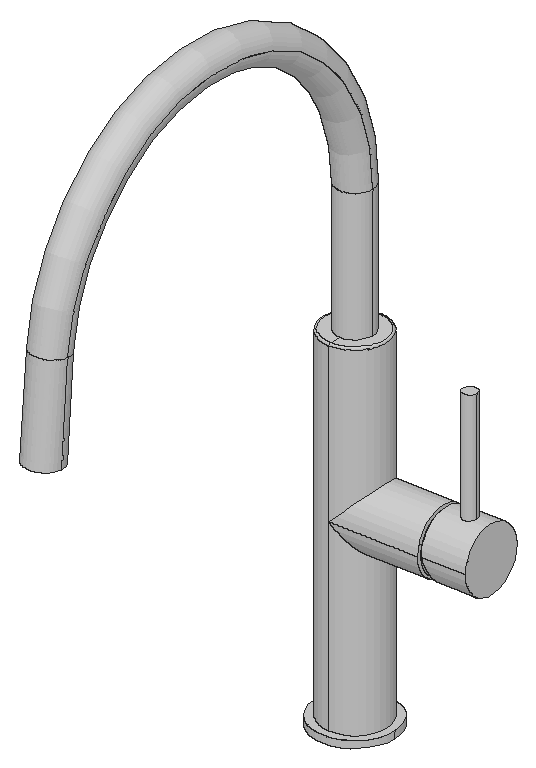
Revit family "liano II sink mixer", category Specialty Equipment, host Face, Revit 2019
Family settings
  Host = Face
  Round Connector Dimension = Use Radius
  Part Type = Normal
  OmniClass Number = 23.45.55.14
  OmniClass Title = Single Faucets
  Cut with Voids When Loaded = No
  Shared = No
  Room Calculation Point = No
Parameters (values of type "LIANO II SINK MIXER CHROME")
  URL = "https://www.caroma.com.au/"
  Model = "96379C5A"
  Material_Base = GWA_Metal-Chrome
  Manufacturer = "GWA Bathrooms & Kitchens"  # constant formula
  Keynote = ""
  Description = "LIANO II SINK MIXER CHROME"
  Default Elevation = 1000 mm
  CreatedBy_ANZRS = "GWA Bathrooms & Kitchens"  # constant formula
  Assembly Code = "C1030220"
Types (6, lengths in mm): name | Model | Material_Base | Description
  (no name) | "96379C5A" | GWA_Metal-Chrome | "LIANO II SINK MIXER CHROME"
  LIANO II SINK MIXER CHROME | "96379C5A" | GWA_Metal-Chrome | "LIANO II SINK MIXER CHROME"
  LIANO II SINK MIXER MATTE BLACK | "96379B5A" | GWA-Metal-Black | "LIANO II SINK MIXER MATTE BLACK"
  LIANO II SINK MIXER GUNMETAL | "96379GM5A" | GWA-Metal-Gunmetal Grey | "LIANO II SINK MIXER GUNMETAL"
  LIANO II SINK MIXER BRUSHED NICKEL | "96379BN5A" | GWA_Metal-Brushed-Nickel | "LIANO II SINK MIXER BRUSHED NICKEL"
  LIANO II SINK MIXER BRUSHED BRASS | "96379BB5A" | GWA_Metal-Brushed-Brass | "LIANO II SINK MIXER BRUSHED BRASS"
Reference planes
  plane 1 "Center (Front/Back)": y = 0
  plane 2: z = 0
  plane 3 "Center (Left/Right)": x = 0
Forms (mm)
  Extrusion 1, solid, material "GWA_Metal-Chrome" <- "Material_Base"
    sketch origin (0, 0, 0) x (1, 0, 0) y (0, 1, 0)
      loop
        circle (0, 0) r 22.5
    from 0 to 4
  Sweep 2, solid, material "GWA_Metal-Chrome" <- "Material_Base"
    path origin (0, 0, 0) x (0, 1, 0) y (0, 0, 1)
      loop
        line (0, 200) -> (0, 274)
        arc (0, 274) -> (-103.106, 381.705) -> (-215.206, 283.396) r 107.808
        line (-215.206, 283.396) -> (-220, 228.6)
    profile origin (0, 0, 237) x (0, -1, 0) y (1, 0, 0)
      loop
        circle (0, 0) r 10.25
  Extrusion 3, void
    sketch origin (0, 18.177, 207.762) x (0, 0.996195, -0.087156) y (1, 0, 0)
      loop
        circle (-239.087, 0) r 9.35
    from -3 to 5
  Revolve 4, solid, material "GWA_Metal-Chrome" <- "Material_Base"
    sketch origin (0, 0, 0) x (0, 1, 0) y (0, 0, 1)
      loop
        line (0, 4) -> (18, 4) -> (18, 199)
        arc (18, 199) -> (17.707, 199.707) -> (17, 200) r 1
        line (17, 200) -> (0, 200) -> (0, 4)
      axis (0, 200) -> (0, 4)
    angle from 0 to 360
  Extrusion 5, solid, material "GWA_Metal-Chrome" <- "Material_Base"
    sketch origin (0, 0, 0) x (0, 1, 0) y (0, 0, 1)
      loop
        circle (0, 110) r 18
    from 0 to 50
  Revolve 6, solid, material "GWA_Metal-Chrome" <- "Material_Base"
    sketch origin (0, 0, 110) x (1, 0, 0) y (0, 1, 0)
      loop
        line (50, 0) -> (57.7, 0) -> (57.7, 13.5)
        arc (57.7, 13.5) -> (53.951, 15.26) -> (50, 16.5) r 30.7
        line (50, 16.5) -> (50, 0)
      axis (57.7, 0) -> (50, 0)
    angle from 0 to 360
  Extrusion 7, solid, material "GWA_Metal-Chrome" <- "Material_Base"
    sketch origin (0, 0, 0) x (0, 1, 0) y (0, 0, 1)
      loop
        circle (0, 110) r 18
    from 52 to 77
  Extrusion 8, void
    sketch origin (0, 0, 0) x (1, 0, 0) y (0, 0, 1)
      loop
        line (50, 110) -> (50, 87) -> (58.6, 87) -> (58.6, 92) -> (52, 110) -> (50, 110)
    from -25 to 25
  Extrusion 9, solid, material "GWA_Metal-Chrome" <- "Material_Base"
    sketch origin (0, 0, 110) x (1, 0, 0) y (0, 1, 0)
      loop
        circle (65.05, 0) r 3.95
    from 0 to 81
  Revolve 10, solid, material "GWA_Metal-Chrome" <- "Material_Base"
    sketch origin (-11.5, 0, 1) x (1, 0, 0) y (0, 0, 1)
      loop
        line (77, 92) -> (77, 90.3)
        arc (77, 90.3) -> (78.934, 90.465) -> (80.8, 91) r 10
        line (80.8, 91) -> (80.8, 92) -> (77, 92)
      axis (77, 90.3) -> (77, 92)
    angle from 0 to 360
  Extrusion 11, void
    sketch origin (0, 0, 0) x (1, 0, 0) y (0, 1, 0)
      loop
        circle (65.5, 0) r 3.8
    from 80 to 93
Cuts and joins
  Extrusion 3 cuts Sweep 2
  Extrusion 8 cuts Extrusion 5
  joined: Revolve 4, Extrusion 5
  Extrusion 8, Extrusion 11 cuts Extrusion 7
  joined: Extrusion 7, Extrusion 9
Lines and regions (mm)
  Masking region 1
    outline origin (0, 0, 110) x (1, 0, 0) y (0, 1, 0)
      loop
        line (-10.25, -20.03) -> (-10.25, -220)
        spline (-10.25, -220) -> (-9.901, -222.643) -> (-8.877, -225.105) -> (-7.248, -227.22) -> (-5.125, -228.843) -> (-2.653, -229.863) -> (0, -230.211) -> (2.653, -229.863) -> (5.125, -228.843) -> (7.248, -227.22) -> (8.877, -225.105) -> (9.901, -222.643) -> (10.25, -220)
        line (10.25, -220) -> (10.25, -20.03)
        arc (10.25, -20.03) -> (11.918, -19.084) -> (13.5, -18) r 22.5
        line (13.5, -18) -> (50, -18) -> (50, -16.5)
        arc (50, -16.5) -> (51.005, -16.24) -> (52, -15.946) r 30.7
        line (52, -15.946) -> (52, -18) -> (77, -18) -> (77, 18) -> (52, 18) -> (52, 15.946)
        arc (52, 15.946) -> (51.005, 16.24) -> (50, 16.5) r 30.7
        line (50, 16.5) -> (50, 18) -> (13.5, 18)
        arc (13.5, 18) -> (-19.084, 11.918) -> (-10.25, -20.03) r 22.5
  Masking region 2
    outline origin (0, 0, 0) x (0, 1, 0) y (0, 0, 1)
      loop
        line (-10.3, 200) -> (-17, 200)
        arc (-17, 200) -> (-17.707, 199.707) -> (-18, 199) r 1
        line (-18, 199) -> (-18, 4) -> (-22.5, 4) -> (-22.5, 0) -> (22.5, 0) -> (22.5, 4) -> (18, 4) -> (18, 199)
        arc (18, 199) -> (17.707, 199.707) -> (17, 200) r 1
        line (17, 200) -> (10.3, 200) -> (10.3, 273.995)
        arc (10.3, 273.995) -> (-102.657, 391.991) -> (-225.467, 284.288) r 118.108
        line (-225.467, 284.288) -> (-230.261, 229.498) -> (-209.739, 227.702) -> (-204.946, 282.493)
        arc (-204.946, 282.493) -> (-103.555, 371.41) -> (-10.3, 273.995) r 97.508
        line (-10.3, 273.995) -> (-10.3, 200)
  Masking region 3
    outline origin (0, 0, 0) x (1, 0, 0) y (0, 0, 1)
      loop
        line (10.3, 381.75) -> (10.3, 200) -> (17, 200)
        arc (17, 200) -> (17.707, 199.707) -> (18, 199) r 1
        line (18, 199) -> (18, 134)
        arc (18, 134) -> (19.757, 129.757) -> (24, 128) r 6
        line (24, 128) -> (50, 128) -> (50, 126.5)
        arc (50, 126.5) -> (51.005, 126.24) -> (52.001, 125.946) r 30.7
        line (52.001, 125.946) -> (52.001, 128) -> (61.1, 128) -> (61.1, 191) -> (69, 191) -> (69, 128) -> (77, 128) -> (77, 92) -> (69.3, 92)
        arc (69.3, 92) -> (65.5, 91.25) -> (61.7, 92) r 10
        line (61.7, 92) -> (58.6, 92) -> (57.074, 96.162)
        arc (57.074, 96.162) -> (53.619, 94.613) -> (50, 93.5) r 30.7
        line (50, 93.5) -> (50, 92) -> (24, 92)
        arc (24, 92) -> (19.757, 90.243) -> (18, 86) r 6
        line (18, 86) -> (18, 4) -> (22.5, 4) -> (22.5, 0) -> (-22.5, 0) -> (-22.5, 4) -> (-18, 4) -> (-18, 199)
        arc (-18, 199) -> (-17.707, 199.707) -> (-17, 200) r 1
        line (-17, 200) -> (-10.3, 200) -> (-10.3, 381.75)
        arc (-10.3, 381.75) -> (0, 392) -> (10.25, 381.75) r 10.25
  symbolic lines
    curve 1: line (52, 18, 110) -> (77, 18, 110)
    curve 2: line (52, -18, 110) -> (52, 18, 110)
    curve 3: line (77, -18, 110) -> (52, -18, 110)
    curve 4: line (77, 18, 110) -> (77, -18, 110)
    curve 5: line (50, 18, 110) -> (0, 18, 110)
    curve 6: line (50, -18, 110) -> (50, 18, 110)
    curve 7: line (10.25, -18, 110) -> (50, -18, 110)
    curve 8: line (-10.25, -220, 110) -> (-10.25, 0, 110)
    curve 9: line (10.25, 0, 110) -> (10.25, -220, 110)
    curve 10: spline (10.25, -220, 110) -> (9.901, -222.643, 110) -> (8.877, -225.105, 110) -> (7.248, -227.22, 110) -> (5.125, -228.843, 110) -> (2.653, -229.863, 110) -> (0, -230.211, 110) -> (-2.653, -229.863, 110) -> (-5.125, -228.843, 110) -> (-7.248, -227.22, 110) -> (-8.877, -225.105, 110) -> (-9.901, -222.643, 110) -> (-10.25, -220, 110)
    curve 11: arc (10.25, -14.797, 110) -> (0, 18, 110) -> (-10.25, -14.797, 110) r 18
    curve 12: circle (65.05, 0, 110) r 3.95 normal (0, 0, -1)
    curve 13: arc (-10.25, 0, 110) -> (0, 10.25, 110) -> (10.25, 0, 110) r 10.25
    curve 14: arc (13.5, -18, 110) -> (11.918, -19.084, 110) -> (10.25, -20.03, 110) r 22.5
    curve 15: arc (-10.25, -20.03, 110) -> (-19.084, 11.918, 110) -> (13.5, 18, 110) r 22.5
    curve 16: arc (50, -16.5, 110) -> (51.005, -16.24, 110) -> (52, -15.946, 110) r 30.7
    curve 17: arc (50, 16.5, 110) -> (51.005, 16.24, 110) -> (52, 15.946, 110) r 30.7
    curve 18: circle (0, 0, 110) r 18 normal (1, 0, 0)
    curve 19: line (0, -3.95, 191) -> (0, 3.95, 191)
    curve 20: line (0, 3.95, 191) -> (0, 3.95, 127.561)
    curve 21: line (0, -3.95, 191) -> (0, -3.95, 127.561)
    curve 22: line (0, -22.5, 4) -> (0, 22.5, 4)
    curve 23: line (0, -22.5, 0) -> (0, -22.5, 4)
    curve 24: line (0, 22.5, 0) -> (0, -22.5, 0)
    curve 25: line (0, 22.5, 4) -> (0, 22.5, 0)
    curve 26: line (0, -18, 4) -> (0, -18, 199)
    curve 27: line (0, 17, 200) -> (0, -17, 200)
    curve 28: line (0, 18, 4) -> (0, 18, 199)
    curve 29: line (0, -209.739, 227.702) -> (0, -204.946, 282.493)
    curve 30: line (0, -230.261, 229.498) -> (0, -225.467, 284.288)
    curve 31: arc (0, -225.467, 284.288) -> (0, -102.657, 391.991) -> (0, 10.3, 273.995) r 118.108
    curve 32: arc (0, -204.946, 282.493) -> (0, -103.555, 371.41) -> (0, -10.3, 273.995) r 97.508
    curve 33: line (0, -10.3, 200) -> (0, -10.3, 273.995)
    curve 34: line (0, 10.3, 200) -> (0, 10.3, 273.995)
    curve 35: line (0, -230.261, 229.498) -> (0, -209.739, 227.702)
    curve 36: arc (0, -18, 199) -> (0, -17.707, 199.707) -> (0, -17, 200) r 1
    curve 37: arc (0, 17, 200) -> (0, 17.707, 199.707) -> (0, 18, 199) r 1
    curve 38: line (50, 0, 128) -> (24, 0, 128)
    curve 39: line (50, 0, 92) -> (24, 0, 92)
    curve 40: line (77, 0, 92) -> (58.6, 0, 92)
    curve 41: line (58.6, 0, 92) -> (52.001, 0, 109.998)
    curve 42: line (52.001, 0, 109.998) -> (52.001, 0, 128)
    curve 43: line (52.001, 0, 128) -> (61.1, 0, 128)
    curve 44: line (77, 0, 128) -> (77, 0, 92)
    curve 45: line (61.1, 0, 191) -> (69, 0, 191)
    curve 46: line (69, 0, 191) -> (69, 0, 128)
    curve 47: line (61.1, 0, 191) -> (61.1, 0, 128)
    curve 48: arc (50, 0, 93.5) -> (53.619, 0, 94.613) -> (57.074, 0, 96.162) r 30.7
    curve 49: arc (50, 0, 126.5) -> (51.005, 0, 126.24) -> (52.001, 0, 125.946) r 30.7
    curve 50: line (-22.5, 0, 4) -> (22.5, 0, 4)
    curve 51: line (-22.5, 0, 0) -> (-22.5, 0, 4)
    curve 52: line (22.5, 0, 0) -> (-22.5, 0, 0)
    curve 53: line (22.5, 0, 4) -> (22.5, 0, 0)
    curve 54: spline (10.25, 0, 228.6) -> (9.901, 0, 228.831) -> (8.877, 0, 229.047) -> (7.248, 0, 229.232) -> (5.125, 0, 229.374) -> (2.653, 0, 229.463) -> (0, 0, 229.493) -> (-2.653, 0, 229.463) -> (-5.125, 0, 229.374) -> (-7.248, 0, 229.232) -> (-8.877, 0, 229.047) -> (-9.901, 0, 228.831) -> (-10.25, 0, 228.6)
    curve 55: spline (-10.25, 0, 228.6) -> (-9.901, 0, 228.369) -> (-8.877, 0, 228.153) -> (-7.248, 0, 227.968) -> (-5.125, 0, 227.826) -> (-2.653, 0, 227.737) -> (0, 0, 227.707) -> (2.653, 0, 227.737) -> (5.125, 0, 227.826) -> (7.248, 0, 227.968) -> (8.877, 0, 228.153) -> (9.901, 0, 228.369) -> (10.25, 0, 228.6)
    curve 56: spline (0, 0, 229.415) -> (2.42, 0, 229.387) -> (4.675, 0, 229.306) -> (6.611, 0, 229.176) -> (8.097, 0, 229.007) -> (9.031, 0, 228.811) -> (9.35, 0, 228.6) -> (9.031, 0, 228.389) -> (8.097, 0, 228.193) -> (6.611, 0, 228.024) -> (4.675, 0, 227.894) -> (2.42, 0, 227.813) -> (0, 0, 227.785)
    curve 57: spline (0, 0, 227.785) -> (-2.42, 0, 227.813) -> (-4.675, 0, 227.894) -> (-6.611, 0, 228.024) -> (-8.097, 0, 228.193) -> (-9.031, 0, 228.389) -> (-9.35, 0, 228.6) -> (-9.031, 0, 228.811) -> (-8.097, 0, 229.007) -> (-6.611, 0, 229.176) -> (-4.675, 0, 229.306) -> (-2.42, 0, 229.387) -> (0, 0, 229.415)
    curve 58: line (-10.3, 0, 200) -> (-10.3, 0, 381.75)
    curve 59: line (10.3, 0, 200) -> (10.3, 0, 381.75)
    curve 60: line (-18, 0, 4) -> (-18, 0, 199)
    curve 61: line (18, 0, 4) -> (18, 0, 86)
    curve 62: line (-17, 0, 200) -> (17, 0, 200)
    curve 63: arc (-18, 0, 199) -> (-17.707, 0, 199.707) -> (-17, 0, 200) r 1
    curve 64: arc (17, 0, 200) -> (17.707, 0, 199.707) -> (18, 0, 199) r 1
    curve 65: line (18, 0, 134) -> (18, 0, 199)
    curve 66: arc (18, 0, 134) -> (19.757, 0, 129.757) -> (24, 0, 128) r 6
    curve 67: arc (24, 0, 92) -> (19.757, 0, 90.243) -> (18, 0, 86) r 6
    curve 68: line (50, 0, 92) -> (50, 0, 128)
    curve 69: arc (61.1, 0, 128) -> (65.05, 0, 126.957) -> (69, 0, 128) r 8
    curve 70: arc (10.25, 0, 381.75) -> (0, 0, 392) -> (-10.25, 0, 381.75) r 10.25
    curve 71: line (69, 0, 128) -> (77, 0, 128)
    curve 72: arc (61.7, 0, 92) -> (65.5, 0, 91.25) -> (69.3, 0, 92) r 10
    curve 73: line (0, -3.8, 92.406) -> (0, -3.8, 92)
    curve 74: arc (0, -3.8, 92) -> (0, 0, 91.25) -> (0, 3.8, 92) r 10
    curve 75: line (0, 3.8, 92) -> (0, 3.8, 92.406)
Dimensions and locks
  aligned and locked: plane 2 to host face
  aligned and locked: level to host face
Connectors
  piping at (10, 0, 0), diameter 20
    settings: index 1, connector inside diameter 609.6 mm, connector length 0 mm, flow factor 0, pipe flow 0.0 L/s, pressure drop 0.0 Pa, fitting loss kfactor 0, connector angle 0.00°, fixture units 0, engagement length 0 mm, angle of deflection 0.00°, flow configuration 3, flow direction 1, fitting loss method 0, system type 20, joint type 0, gender type 0, connector reference index -1, connector utility 0, adjustable connector no, is connector primary yes, connector description ""
  piping at (-10, 0, 0), diameter 20
    settings: index 2, connector inside diameter 609.6 mm, connector length 0 mm, flow factor 0, pipe flow 0.0 L/s, pressure drop 0.0 Pa, fitting loss kfactor 0, connector angle 0.00°, fixture units 0, engagement length 0 mm, angle of deflection 0.00°, flow configuration 3, flow direction 1, fitting loss method 0, system type 19, joint type 0, gender type 0, connector reference index -1, connector utility 0, adjustable connector no, is connector primary no, connector description ""
